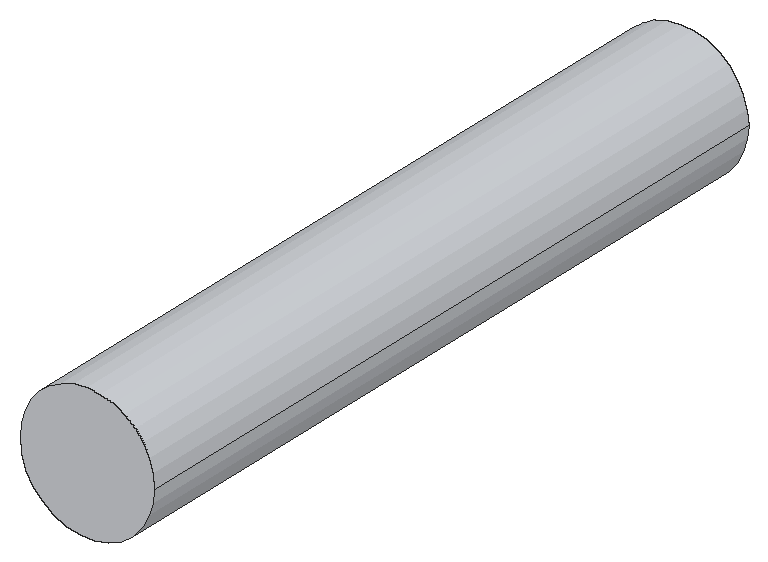
Revit family "834c8098532f4d5e8a728ae08c40ebde", category Sprinklers, Revit 2021
Family settings
  Maintain Annotation Orientation = Yes
  Round Connector Dimension = Use Radius
  Part Type = Normal
  OmniClass Number = 23.65.70.17.11.24
  OmniClass Title = Fire Fighting Sprinkler Heads
  Seek Item ID = Sprinkler - Horizontal Sidewall-0000-USA-ENU
  Work Plane-Based = No
  Always vertical = Yes
  Cut with Voids When Loaded = No
  Shared = No
  Room Calculation Point = No
Parameters (values of type "1/2" Horizontal Sidewall")
  Temperature Rating = 135 °F
  Response = Standard
  Pressure Drop [instance] = 7.00 psi
  Pressure Class = Standard
  Overall Length = 3"
  Orifice Size = 1/2"
  Orifice = Standard
  K-Factor = 5.6
  Flow [instance] = 30 GPM
  Default Elevation = 0' - 0"
  Coverage = Standard
  Nominal Diameter = Nominal Radius * 2  # 1/2"
  Nominal Radius = 1/4"
  CEL = 1/4"
  Assembly Code = ""
Types (2): name | Pressure Drop | Overall Length | Orifice Size | K-Factor | Flow | Nominal Diameter | Nominal Radius | CEL
  1/2" Horizontal Sidewall | 7.00 psi | 3" | 1/2" | 5.6 | 30 GPM | 1/2" | 1/4" | 1/4"
  3/4" Horizontal Sidewall | 14.00 psi | 2 15/16" | 17/32" | 8 | 43 GPM | 3/4" | 3/8" | 3/8"
Reference planes (in)
  plane 1 "Center (Front/Back)": y = 0
  plane 2: z = 0
  plane 3 "Center (Left/Right)": x = 0
  plane 4: y = 0.25
  plane 5: y = -2.75
Forms (in)
  Extrusion 1, solid
    sketch origin (0, 0, 0) x (1, 0, 0) y (0, 0, 1)
      loop
        circle (0, 0) r 0.25
    from 0 to 2.75
Dimensions and locks (in)
  "Overall Length": plane 4 to plane 5
  "CEL": plane 1 "Center (Front/Back)" to plane 4
  "Nominal Radius": radius of Extrusion 1 sketch curve
  aligned and locked: Extrusion 1 to plane 5
Automatic sketch dimensions
  Extrusion 1 sketch curve to level = 0' - 0"
  Extrusion 1 sketch curve to plane 3 "Center (Left/Right)" = 0' - 0"
Nested families (in)
  nested 1: "Sprinkler - Symbol - Horizontal Sidewall" at (0, 0, 0) x (-1, 0, 0) z (0, 0, 1), type "Sprinkler - Symbol - Horizontal Sidewall"
Connectors (in)
  piping at (0, 0, 0), diameter 0.5, driven by "Nominal Radius", driven by "Flow", driven by "Pressure Drop"
    settings: on Extrusion 1, index 1, connector inside diameter 1/2", connector length 0' - 0", flow factor 0, pipe flow 30 GPM, pressure drop 7.00 psi, fitting loss kfactor 0, connector angle 0.00°, fixture units 0, engagement length 0' - 0", angle of deflection 0.00°, flow configuration 1, flow direction 1, fitting loss method 4, system type 23, joint type 0, gender type 0, connector reference index -1, connector utility 0, adjustable connector no, is connector primary yes, connector description "In"
Definition of nested family "Sprinkler - Symbol - Horizontal Sidewall"
  Parameters
    Symbol Width = Symbol Depth  # 1/16"
    Symbol Half Width = 0.5 * Symbol Width  # 1/32"
    Symbol Depth = 1/16"
  Reference planes (in)
    plane 1: y = 0
    plane 2: x = 0
  Lines and regions (in)
    reference lines
      curve 1: line (-0.03125, 0, 0) -> (-0.03125, 0.0625, 0)
      curve 2: line (-0.03125, 0.0625, 0) -> (0.03125, 0.0625, 0)
      curve 3: line (0.03125, 0.0625, 0) -> (0.03125, 0, 0)
      curve 4: line (-0.03125, 0.0625, 0) -> (0, 0, 0)
      curve 5: line (0, 0, 0) -> (0.03125, 0.0625, 0)
    detail lines
      curve 6: line (-0.03125, 0.0625, 0) -> (0.03125, 0.0625, 0)
      curve 7: line (0.03125, 0.0625, 0) -> (0, 0, 0)
      curve 8: line (-0.03125, 0.0625, 0) -> (0, 0, 0)
  Dimensions and locks (in)
    equal spacing: curve 1, plane 2, curve 3
    "Symbol Depth": plane 1 to curve 2
    "Symbol Half Width": curve 1 to plane 2
    aligned and locked: plane 1 to curve 1
    aligned and locked: curve 6 to curve 2
    aligned and locked: curve 1 to curve 6
    aligned and locked: curve 6 to curve 3
    aligned and locked: curve 7 to curve 5
    aligned and locked: curve 2 to curve 7
    aligned and locked: plane 1 to curve 7
  Automatic sketch dimensions
    curve 5 to plane 1 = 0' - 0"
    curve 4 to plane 2 = 0' - 0"
    curve 3 to plane 1 = 0' - 0"
